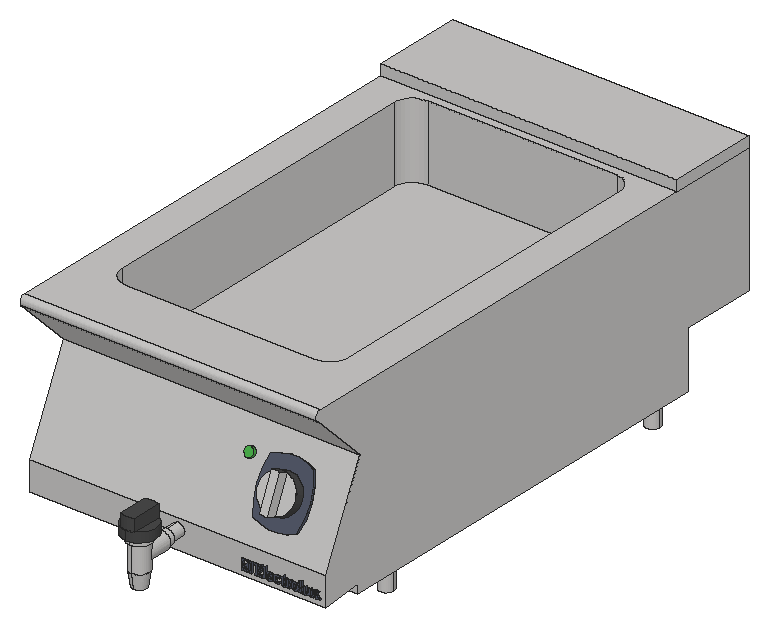
Revit family "QF_ELECTROLUXPROFESSIONAL_371096_E7BMEDB000", category Specialty Equipment, Revit 2018
Family settings
  Round Connector Dimension = Use Diameter
  Part Type = Normal
  Work Plane-Based = No
  Always vertical = Yes
  Cut with Voids When Loaded = No
  Shared = No
  Room Calculation Point = No
Parameters
  Width = 400.05 mm  # constant formula
  Weight in Pounds = 44  # constant formula
  Watts = 1500 VA  # 1500 W
  Volts = 230 V  # constant formula
  URL Cutsheet = "www.electrolux.com/foodservice"
  URL = "www.electrolux.com/foodservice"
  Type Mark [instance] = ""
  Status [instance] = ""
  Specification by User [instance] = ""
  Specification by Manufacturer = ""
  Show Logo [instance] = yes
  Show Clearance [instance] = yes
  Serial Number = ""
  Seismic Rating = ""
  SMACNA No = ""
  Revision Code [instance] = ""
  Plumbing Remarks = ""
  Plumbing Connection Type = ""
  Phase = 1  # constant formula
  Omniclass Number and Title = ""
  Number of Poles [instance] = 1
  NAFEM Spec ID Number = ""
  Model = "371096"
  Min Ckt Ampacity = 0 A
  Max Overcurrent Protection = 0 A
  Masterspec = ""
  Manufacturer = "ELECTROLUX"
  Item Number [instance] = ""
  Installed By [instance] = ""
  Indirect Waste Size = 50.8 mm  # 2"
  Indirect Waste Flow [instance] = 0 GPM
  Indirect Waste Connection Type = ""
  Indirect Waste Connection Height [instance] = 0 mm
  Identify Quantity as Lot [instance] = yes
  Height = 288.925 mm  # constant formula
  HP = "2 HP"
  Furnished By [instance] = ""
  Foodservice Equipment Identifier [instance] = yes
  FL Amps = if(Phase = 3, Watts / (Volts * 1.73), Watts / Volts)  # 6.52174 A
  Electrical Remarks [instance] = "230 V/1N ph/50/60 Hz"  # constant formula
  Electric Connection Type [instance] = ""
  Elec Conn RI Height [instance] = 0 mm
  Elec Conn Connection Height [instance] = 0 mm
  Direct Waste Size = 1/2"
  Description = "700XP Half Module Electric Bain Marie Top"
  Depth = 730.25 mm  # constant formula
  Cycle [instance] = if([60 Hertz Option], 60 Hz, 50 Hz)  # 60 Hz
  Conn Plug = ""
  Conn Conduit = yes
  CSI MasterFormat = ""
  CSI Master Format = ""
  Base Height [instance] = 23.813 mm  # constant formula
  Apparent Power = if(Phase = 3, Volts * FL Amps * 1.73, Volts * FL Amps)  # 1500 VA
  60 Hertz Option [instance] = not([50 Hertz Option])  # yes
  50 Hertz Option [instance] = no
Reference planes
  plane 1 "BACK": y = 0
  plane 2: z = 0
  plane 3 "LEFT": x = 0
  plane 4 "RIGHT": x = 400.05
  plane 5 "FRONT": y = -730.25
  plane 6 "TOP": z = 288.925
  plane 7 "Center Y": x = 200.025
  plane 8 "Center X": y = -365.125
  plane 9 "BASE": z = 23.813
  plane 10 "TOP A": z = 274.638
  plane 11: y = -597.884
  plane 12: y = -147.637
Forms (mm)
  Extrusion 1, solid, material "QF_Finishes_Stainless Steel"
    sketch origin (0, 0, 0) x (0, 1, 0) y (0, 0, 1)
      loop
        line (0, 274.638) -> (-723.029, 274.638)
        arc (-723.029, 274.638) -> (-729.756, 270.143) -> (-728.178, 262.208) r 7.281
        line (-728.178, 262.208) -> (-657.416, 191.447) -> (-713.772, 69.003) -> (-713.772, 30.903) -> (-660.4, 36.513) -> (-660.4, 23.812) -> (-101.6, 23.812) -> (-101.6, 101.6) -> (0, 101.6) -> (0, 274.638)
    from 0 to 400.05
  Extrusion 2, solid, material "QF_Finishes_Stainless Steel"
    sketch origin (0, 0, 274.638) x (-1, 0, 0) y (0, -1, 0)
      loop
        line (0, 0) -> (0, 120.65) -> (-400.05, 120.65) -> (-400.05, 0) -> (0, 0)
    from 0 to 14.287
  Extrusion 3, void
    sketch origin (0, 0, 274.638) x (-1, 0, 0) y (0, -1, 0)
      loop
        arc (-72.425, 132.504) -> (-54.464, 139.943) -> (-47.025, 157.904) r 25.4
        line (-47.025, 157.904) -> (-47.025, 617.104)
        arc (-47.025, 617.104) -> (-54.464, 635.064) -> (-72.425, 642.504) r 25.4
        line (-72.425, 642.504) -> (-327.625, 642.504)
        arc (-327.625, 642.504) -> (-345.586, 635.064) -> (-353.025, 617.104) r 25.4
        line (-353.025, 617.104) -> (-353.025, 157.904)
        arc (-353.025, 157.904) -> (-345.586, 139.943) -> (-327.625, 132.504) r 25.4
        line (-327.625, 132.504) -> (-72.425, 132.504)
    from 0 to -101.6
  Extrusion 4, solid, material "QF_Finishes_Stainless Steel"
    sketch origin (0, 0, 0) x (1, 0, 0) y (0, 1, 0)
      loop
        circle (11.112, -147.638) r 9.525
      loop
        circle (11.112, -597.884) r 9.525
      loop
        circle (388.937, -147.638) r 9.525
      loop
        circle (388.937, -597.884) r 9.525
    from 0 to 23.813
  Extrusion 5, solid, material "QF_Finishes_Navy Blue"
    sketch origin (161.494, -713.772, 69.003) x (0, 0.418102, 0.9084) y (-1, 0, 0)
      loop
        arc (102.623, -132.62) -> (67.041, -124.996) -> (31.333, -132.003) r 90.5
        arc (31.333, -132.003) -> (24.507, -161.19) -> (31.333, -190.378) r 65.817
        arc (31.333, -190.378) -> (67.04, -197.338) -> (102.623, -189.765) r 91.066
        arc (102.623, -189.765) -> (109.179, -161.193) -> (102.623, -132.62) r 65.546
    from 0 to 3.175
  Extrusion 6, solid, material "QF_Finishes_Stainless Steel"
    sketch origin (161.494, -717.485, 68.529) x (0, 0.418102, 0.9084) y (-1, 0, 0)
      loop
        circle (68.826, -160.963) r 25.4
    from 0 to 12.7
  Extrusion 7, solid, material "QF_Finishes_Stainless Steel"
    sketch origin (161.494, -729.022, 73.839) x (0, 0.418102, 0.9084) y (-1, 0, 0)
      loop
        arc (93.558, -166.749) -> (94.226, -160.963) -> (93.558, -155.177) r 25.4
        line (93.558, -155.177) -> (44.094, -155.177)
        arc (44.094, -155.177) -> (43.426, -160.963) -> (44.094, -166.749) r 25.4
        line (44.094, -166.749) -> (93.558, -166.749)
    from 0 to 12.7
  Extrusion 8, solid, material "QF_Finishes_Green"
    sketch origin (175.781, -713.772, 69.003) x (0, 0.418102, 0.9084) y (-1, 0, 0)
      loop
        circle (95.112, -90.848) r 6.35
    from 0 to 3.175
  Revolve 9, solid, material "QF_Finishes_Stainless Steel"
    sketch origin (200.025, -15.821, 0) x (0, 1, 0) y (0, 0, 1)
      loop
        line (-763.176, 15.689) -> (-754.167, 15.689) -> (-750.551, 36.201) -> (-750.551, 72.541) -> (-747.273, 72.541) -> (-747.273, 80.421) -> (-740.923, 80.421) -> (-740.923, 93.121) -> (-763.176, 93.121) -> (-763.176, 15.689)
      axis (-763.176, 15.689) -> (-763.176, 93.121)
    angle from 0 to 360
  Revolve 10, solid, material "QF_Finishes_Stainless Steel"
    sketch origin (200.025, 0, 0) x (0, 1, 0) y (0, 0, 1)
      loop
        line (-713.772, 55.563) -> (-782.002, 55.563) -> (-782.002, 43.259) -> (-742.607, 43.259) -> (-742.607, 44.961) -> (-733.614, 44.961) -> (-733.614, 47.008) -> (-713.772, 47.008) -> (-713.772, 55.563)
      axis (-782.002, 55.563) -> (-713.772, 55.563)
    angle from 0 to 360
  Extrusion 11, solid, material "QF_Finishes_Black"
    sketch origin (200.025, -778.997, 93.121) x (0, 1, 0) y (-1, 0, 0)
      loop
        line (20.063, 9.626) -> (-20.063, 9.626)
        arc (-20.063, 9.626) -> (-22.253, 0) -> (-20.063, -9.626) r 22.253
        line (-20.063, -9.626) -> (20.063, -9.626)
        arc (20.063, -9.626) -> (22.253, 0) -> (20.063, 9.626) r 22.253
    from 0 to 16.412
  Extrusion 12, solid, material "QF_Finishes_Navy Blue", visible <- "Show Logo"
    sketch origin (0, -713.772, 30.903) x (0, 0, 1) y (-1, 0, 0)
      loop
        line (20.674, -296.698) -> (8.307, -296.698)
        arc (8.307, -296.698) -> (14.491, -301.27) -> (20.674, -296.698) r 6.467
      loop
        arc (20.674, -296.069) -> (19.505, -290.926) -> (14.849, -288.448) r 6.338
        line (14.849, -288.448) -> (14.849, -290.494)
        arc (14.849, -290.494) -> (16.333, -294.149) -> (19.778, -296.069) r 5.941
        line (19.778, -296.069) -> (20.674, -296.069)
      loop
        arc (9.203, -296.069) -> (12.648, -294.149) -> (14.132, -290.494) r 5.941
        line (14.132, -290.494) -> (14.132, -288.448)
        arc (14.132, -288.448) -> (9.438, -290.922) -> (8.148, -296.069) r 6.504
        line (8.148, -296.069) -> (9.203, -296.069)
      loop
        line (21.349, -287.979) -> (7.604, -287.979) -> (7.604, -301.742) -> (21.349, -301.742) -> (21.349, -287.979)
      loop
        arc (21.432, -304.71) -> (21.085, -304.352) -> (20.718, -304.69) r 0.358
        arc (20.718, -304.69) -> (20.404, -305.44) -> (19.687, -305.825) r 1.216
        line (19.687, -305.825) -> (9.274, -305.825)
        arc (9.274, -305.825) -> (8.614, -305.548) -> (8.218, -304.951) r 1.238
        arc (8.218, -304.951) -> (7.823, -304.7) -> (7.518, -305.054) r 0.358
        line (7.518, -305.054) -> (7.518, -314.933) -> (10.269, -314.933) -> (10.269, -314.036)
        arc (10.269, -314.036) -> (9.36, -313.456) -> (8.904, -312.479) r 1.928
        line (8.904, -312.479) -> (8.904, -309.98)
        arc (8.904, -309.98) -> (9.18, -309.251) -> (9.868, -308.887) r 1.101
        line (9.868, -308.887) -> (13.955, -308.887) -> (13.955, -312.561)
        arc (13.955, -312.561) -> (13.602, -313.058) -> (13.037, -313.286) r 1.083
        arc (13.037, -313.286) -> (12.773, -313.591) -> (13.065, -313.869) r 0.292
        line (13.065, -313.869) -> (16.028, -313.869)
        arc (16.028, -313.869) -> (16.33, -313.596) -> (16.092, -313.266) r 0.305
        arc (16.092, -313.266) -> (15.601, -313.018) -> (15.296, -312.561) r 1.083
        line (15.296, -312.561) -> (15.296, -308.887) -> (19.973, -308.887) -> (19.973, -312.635)
        arc (19.973, -312.635) -> (19.759, -313.39) -> (19.153, -313.888) r 1.314
        arc (19.153, -313.888) -> (18.934, -314.292) -> (19.288, -314.585) r 0.361
        line (19.288, -314.585) -> (21.432, -314.585) -> (21.432, -304.71)
      loop
        arc (20.715, -315.365) -> (20.335, -316.284) -> (19.416, -316.664) r 1.299
        line (19.416, -316.664) -> (9.837, -316.664)
        arc (9.837, -316.664) -> (8.999, -316.286) -> (8.728, -315.408) r 1.118
        line (8.728, -315.408) -> (7.518, -315.408) -> (7.518, -320.758) -> (8.706, -320.758)
        arc (8.706, -320.758) -> (8.978, -319.841) -> (9.848, -319.445) r 1.153
        line (9.848, -319.445) -> (21.92, -319.445) -> (20.715, -315.365)
      loop
        line (12.483, -323.394) -> (12.483, -329.842) -> (13.282, -329.842)
        arc (13.282, -329.842) -> (15.862, -328.857) -> (17.131, -326.404) r 3.874
        line (17.131, -326.404) -> (17.131, -324.643)
        arc (17.131, -324.643) -> (15.944, -321.778) -> (13.08, -320.592) r 4.051
        line (13.08, -320.592) -> (11.072, -320.592)
        arc (11.072, -320.592) -> (8.253, -322.077) -> (7.202, -325.084) r 4.352
        arc (7.202, -325.084) -> (7.566, -327.547) -> (8.943, -329.621) r 5.713
        line (8.943, -329.621) -> (9.892, -329.621)
        arc (9.892, -329.621) -> (9.16, -328.052) -> (8.943, -326.334) r 5.579
        arc (8.943, -326.334) -> (9.737, -324.371) -> (11.616, -323.394) r 3.057
        line (11.616, -323.394) -> (12.483, -323.394)
      loop
        line (13.742, -323.394) -> (13.742, -326.977)
        arc (13.742, -326.977) -> (15.199, -327.024) -> (16.082, -325.864) r 1.59
        line (16.082, -325.864) -> (16.082, -325.034)
        arc (16.082, -325.034) -> (15.217, -323.779) -> (13.742, -323.394) r 2.184
      loop
        arc (16.533, -339.259) -> (17.022, -337.585) -> (17.179, -335.848) r 9.023
        line (17.179, -335.848) -> (17.179, -334.486)
        arc (17.179, -334.486) -> (16.02, -331.686) -> (13.22, -330.527) r 3.959
        line (13.22, -330.527) -> (10.62, -330.527)
        arc (10.62, -330.527) -> (8.338, -331.819) -> (7.221, -334.192) r 4.331
        line (7.221, -334.192) -> (7.221, -336.327)
        arc (7.221, -336.327) -> (7.729, -337.877) -> (8.651, -339.223) r 5.772
        arc (8.651, -339.223) -> (9.412, -339.274) -> (9.499, -338.515) r 0.553
        arc (9.499, -338.515) -> (9.111, -337.781) -> (8.977, -336.962) r 2.573
        line (8.977, -336.962) -> (8.977, -335.447)
        arc (8.977, -335.447) -> (9.983, -333.806) -> (11.798, -333.163) r 2.884
        line (11.798, -333.163) -> (13.077, -333.163)
        arc (13.077, -333.163) -> (14.898, -333.723) -> (15.824, -335.388) r 2.554
        line (15.824, -335.388) -> (15.824, -336.441)
        arc (15.824, -336.441) -> (15.493, -337.369) -> (14.836, -338.104) r 2.564
        arc (14.836, -338.104) -> (14.614, -338.821) -> (15.223, -339.259) r 0.643
        line (15.223, -339.259) -> (16.533, -339.259)
      loop
        line (15.515, -339.53) -> (15.515, -341.031) -> (9.467, -341.031)
        arc (9.467, -341.031) -> (7.879, -341.688) -> (7.221, -343.276) r 2.246
        line (7.221, -343.276) -> (7.221, -344.86)
        arc (7.221, -344.86) -> (7.535, -345.725) -> (8.035, -346.496) r 4.06
        arc (8.035, -346.496) -> (8.768, -346.629) -> (9.019, -345.928) r 0.576
        arc (9.019, -345.928) -> (8.913, -345.403) -> (8.977, -344.87) r 1.69
        arc (8.977, -344.87) -> (9.519, -344.082) -> (10.425, -343.779) r 1.506
        line (10.425, -343.779) -> (15.563, -343.779) -> (15.563, -346.176) -> (16.119, -346.733) -> (16.941, -346.733) -> (16.941, -343.873) -> (20.172, -343.873) -> (15.515, -339.53)
      loop
        line (7.438, -347.63) -> (7.438, -353.017) -> (8.548, -353.017)
        arc (8.548, -353.017) -> (8.942, -352.066) -> (9.893, -351.672) r 1.345
        line (9.893, -351.672) -> (13.509, -351.672)
        arc (13.509, -351.672) -> (14.274, -352.264) -> (14.564, -353.186) r 1.615
        line (14.564, -353.186) -> (14.564, -354.742) -> (17.119, -355.427) -> (17.119, -354.044) -> (15.177, -351.485) -> (17.057, -351.485) -> (16.773, -348.779)
        arc (16.773, -348.779) -> (16.333, -348.249) -> (15.674, -348.45) r 0.621
        arc (15.674, -348.45) -> (15.274, -348.792) -> (14.78, -348.975) r 1.501
        line (14.78, -348.975) -> (9.893, -348.975)
        arc (9.893, -348.975) -> (8.942, -348.581) -> (8.548, -347.63) r 1.345
        line (8.548, -347.63) -> (7.438, -347.63)
      loop
        line (13.54, -354.964) -> (10.848, -354.964)
        arc (10.848, -354.964) -> (8.403, -356.272) -> (7.269, -358.803) r 4.288
        arc (7.269, -358.803) -> (7.205, -360.183) -> (7.269, -361.563) r 15.022
        arc (7.269, -361.563) -> (8.403, -364.094) -> (10.848, -365.401) r 4.288
        line (10.848, -365.401) -> (13.54, -365.401)
        arc (13.54, -365.401) -> (15.986, -364.094) -> (17.119, -361.563) r 4.288
        arc (17.119, -361.563) -> (17.183, -360.183) -> (17.119, -358.803) r 15.022
        arc (17.119, -358.803) -> (15.986, -356.272) -> (13.54, -354.964) r 4.288
      loop
        line (13.745, -358.078) -> (10.643, -358.078)
        arc (10.643, -358.078) -> (8.486, -360.235) -> (10.643, -362.392) r 2.157
        line (10.643, -362.392) -> (13.745, -362.392)
        arc (13.745, -362.392) -> (15.902, -360.235) -> (13.745, -358.078) r 2.157
      loop
        arc (20.726, -365.26) -> (20.355, -366.154) -> (19.461, -366.524) r 1.264
        line (19.461, -366.524) -> (9.597, -366.524)
        arc (9.597, -366.524) -> (8.727, -366.127) -> (8.455, -365.211) r 1.153
        line (8.455, -365.211) -> (7.518, -365.211) -> (7.518, -370.319) -> (8.446, -370.319)
        arc (8.446, -370.319) -> (8.805, -369.547) -> (9.597, -369.232) r 1.153
        line (9.597, -369.232) -> (21.92, -369.232) -> (20.726, -365.26)
      loop
        arc (15.846, -369.857) -> (15.647, -370.921) -> (14.678, -371.403) r 1.215
        line (14.678, -371.403) -> (9.658, -371.403)
        arc (9.658, -371.403) -> (8.043, -372.051) -> (7.322, -373.634) r 2.338
        line (7.322, -373.634) -> (7.322, -375.148)
        arc (7.322, -375.148) -> (7.497, -376.152) -> (7.999, -377.038) r 2.979
        line (7.999, -377.038) -> (7.518, -378.835) -> (7.518, -380.524) -> (16.943, -380.524) -> (16.649, -376.32) -> (15.863, -376.32)
        arc (15.863, -376.32) -> (15.507, -377.156) -> (14.755, -377.665) r 1.605
        line (14.755, -377.665) -> (9.652, -377.665)
        arc (9.652, -377.665) -> (9.232, -376.728) -> (9.159, -375.704) r 2.94
        arc (9.159, -375.704) -> (9.72, -374.603) -> (10.873, -374.16) r 1.724
        line (10.873, -374.16) -> (17.07, -374.16) -> (15.846, -369.857)
      loop
        line (16.874, -381.377) -> (15.202, -383.423) -> (12.028, -385.729) -> (8.572, -382.617)
        arc (8.572, -382.617) -> (8.335, -382.223) -> (8.357, -381.764) r 0.789
        line (8.357, -381.764) -> (7.518, -381.764) -> (7.518, -385.309) -> (8.344, -385.309)
        arc (8.344, -385.309) -> (8.686, -384.947) -> (9.176, -385.039) r 0.52
        line (9.176, -385.039) -> (10.976, -386.51) -> (8.858, -387.886)
        arc (8.858, -387.886) -> (8.457, -387.576) -> (8.37, -387.076) r 0.7
        line (8.37, -387.076) -> (7.518, -387.076) -> (7.518, -393.003) -> (8.405, -393.003)
        arc (8.405, -393.003) -> (8.472, -392.344) -> (8.866, -391.813) r 1.247
        line (8.866, -391.813) -> (13.066, -388.532) -> (15.513, -390.585) -> (16.874, -392.327) -> (16.874, -388.604) -> (15.389, -389.026) -> (13.868, -387.749) -> (15.568, -386.559) -> (16.874, -387.336) -> (16.874, -381.377)
    from 0 to 1.644
  Extrusion 13, solid, material "QF_Finishes_Stainless Steel"
    sketch origin (0, -101.6, 101.6) x (0, 0, -1) y (-1, 0, 0)
      loop
        circle (43.882, -62.029) r 12.7
    from 0 to 12.7
  Extrusion 14, solid, material "QF_Finishes_Clearance", visible <- "Show Clearance", detail levels coarse
    sketch origin (0, 0, 0) x (1, 0, 0) y (0, 1, 0)
      loop
        line (0, -730.25) -> (0, 0) -> (400.05, 0) -> (400.05, -730.25) -> (550.069, -730.25) -> (550.069, 150.019) -> (-150.019, 150.019) -> (-150.019, -730.25) -> (0, -730.25)
    from 0 to 288.925
Cuts and joins
  Extrusion 3 cuts Extrusion 1
  joined: Extrusion 6, Extrusion 7
Lines and regions (mm)
  symbolic lines, style "QF-Clearances", visible <- "Show Clearance", detail levels coarse
    curve 1: line (-150.019, 150.019, 274.638) -> (-150.019, -730.25, 274.638)
    curve 2: line (550.069, 150.019, 274.638) -> (-150.019, 150.019, 274.638)
    curve 3: line (550.069, -730.25, 274.638) -> (550.069, 150.019, 274.638)
  symbolic lines
    curve 4: line (0, 0, 274.638) -> (400.05, 0, 274.638)
    curve 5: line (0, -730.25, 274.638) -> (0, 0, 274.638)
    curve 6: line (400.05, 0, 274.638) -> (400.05, -730.25, 274.638)
    curve 7: line (47.025, -157.904, 274.638) -> (47.025, -617.104, 274.638)
    curve 8: arc (47.025, -617.104, 274.638) -> (54.464, -635.064, 274.638) -> (72.425, -642.504, 274.638) r 25.4
    curve 9: line (72.425, -642.504, 274.638) -> (327.625, -642.504, 274.638)
    curve 10: arc (327.625, -642.504, 274.638) -> (345.586, -635.064, 274.638) -> (353.025, -617.104, 274.638) r 25.4
    curve 11: line (353.025, -617.104, 274.638) -> (353.025, -157.904, 274.638)
    curve 12: line (327.625, -132.504, 274.638) -> (72.425, -132.504, 274.638)
    curve 13: line (0, -120.65, 274.638) -> (400.05, -120.65, 274.638)
    curve 14: line (0, -69.85, 274.638) -> (0, -120.65, 274.638)
    curve 15: circle (200.025, -778.997, 274.638) r 22.253 normal (0, 0, 1)
    curve 16: line (400.05, -730.25, 274.638) -> (0, -730.25, 274.638)
    curve 17: line (209.651, -799.06, 274.638) -> (209.651, -758.934, 274.638)
    curve 18: line (190.399, -799.06, 274.638) -> (190.399, -758.934, 274.638)
    curve 19: arc (72.425, -132.504, 274.638) -> (54.464, -139.943, 274.638) -> (47.025, -157.904, 274.638) r 25.4
    curve 20: arc (327.625, -132.504, 274.638) -> (345.586, -139.943, 274.638) -> (353.025, -157.904, 274.638) r 25.4
    curve 21: line (189.354, -759.47, 274.638) -> (189.354, -730.25, 274.638)
    curve 22: line (210.696, -759.47, 274.638) -> (210.696, -730.25, 274.638)
Dimensions and locks
  equal spacing: plane 3 "LEFT", plane 7 "Center Y", plane 4 "RIGHT"
  "Width": plane 3 "LEFT" to plane 4 "RIGHT"
  equal spacing: plane 5 "FRONT", plane 8 "Center X", plane 1 "BACK"
  "Depth": plane 5 "FRONT" to plane 1 "BACK"
  "Height": plane 6 "TOP" to level
  plane 1 "BACK" to plane 5 "FRONT" = 730.25 mm
  "Base Height": plane 9 "BASE" to level
  locked: plane 10 "TOP A" to plane 9 "BASE" at 250.825
  aligned and locked: level to plane 2
  aligned and locked: plane 4 "RIGHT" to Extrusion 1
  aligned and locked: plane 6 "TOP" to Extrusion 2
  aligned and locked: plane 9 "BASE" to Extrusion 4
  aligned and locked: plane 6 "TOP" to Extrusion 14
Automatic sketch dimensions
  Extrusion 2 sketch curve to plane 3 "LEFT" = 0 mm
  Extrusion 2 sketch curve to Extrusion 2 sketch curve = 400.05 mm
  plane 1 "BACK" to Extrusion 2 sketch curve = 0 mm
  Extrusion 2 sketch curve to plane 12 = 26.988 mm
  plane 11 to Extrusion 4 sketch curve = 0 mm  (x2)
  plane 12 to Extrusion 4 sketch curve = 0 mm  (x2)
  plane 3 "LEFT" to Extrusion 4 sketch curve = 11.112 mm  (x2)
  Extrusion 4 sketch curve to plane 4 "RIGHT" = 11.113 mm  (x2)
  Extrusion 5 sketch curve to Extrusion 1 = 31.333 mm  (x2)
  Extrusion 5 sketch curve to Extrusion 5 sketch curve = 12.3 mm  (x3)
  Extrusion 1 to Extrusion 5 sketch curve = 23.064 mm
  Extrusion 5 sketch curve to Extrusion 5 sketch curve = 34.925 mm  (x2)
  Extrusion 1 to Extrusion 5 sketch curve = 44.467 mm
  Extrusion 5 sketch curve to Extrusion 5 sketch curve = 25.114 mm
  Extrusion 5 sketch curve to Extrusion 5 sketch curve = 25.727 mm
  Extrusion 5 sketch curve to Extrusion 5 sketch curve = 29.185 mm
  Extrusion 7 sketch curve to Extrusion 7 sketch curve = 24.732 mm
  Extrusion 7 sketch curve to Extrusion 7 sketch curve = 0 mm
  Extrusion 1 to Extrusion 8 sketch curve = 39.678 mm
  Extrusion 1 to Extrusion 8 sketch curve = 133.421 mm
  Revolve 9 sketch curve to plane 9 "BASE" = 8.123 mm
  plane 5 "FRONT" to Revolve 9 sketch curve = 48.747 mm
  Revolve 9 sketch curve to Revolve 9 sketch curve = 0 mm
  Revolve 9 sketch curve to Revolve 9 sketch curve = 9.009 mm
  plane 5 "FRONT" to Revolve 9 sketch curve = 36.122 mm
  Revolve 9 sketch curve to Revolve 9 sketch curve = 3.277 mm
  Revolve 9 sketch curve to Revolve 9 sketch curve = 6.35 mm
  plane 9 "BASE" to Revolve 9 sketch curve = 12.388 mm
  Revolve 9 sketch curve to Revolve 9 sketch curve = 36.341 mm
  Revolve 9 sketch curve to Revolve 9 sketch curve = 7.879 mm
  Revolve 9 sketch curve to Revolve 9 sketch curve = 12.7 mm  (x2)
  Revolve 9 sketch curve to Revolve 9 sketch curve = 15.064 mm
  plane 5 "FRONT" to Revolve 10 sketch curve = 51.752 mm
  plane 5 "FRONT" to Revolve 10 sketch curve = 12.357 mm
  plane 5 "FRONT" to Revolve 10 sketch curve = 3.364 mm
  Revolve 10 sketch curve to plane 5 "FRONT" = 16.478 mm
  Revolve 10 sketch curve to Revolve 10 sketch curve = 0 mm  (x2)
  Revolve 10 sketch curve to Revolve 10 sketch curve = 9.137 mm
  plane 9 "BASE" to Revolve 10 sketch curve = 19.447 mm
  Revolve 10 sketch curve to Revolve 10 sketch curve = 1.702 mm
  Revolve 10 sketch curve to Revolve 10 sketch curve = 2.047 mm
  Revolve 10 sketch curve to Revolve 10 sketch curve = 12.303 mm
  Extrusion 11 sketch curve to Revolve 9 = 9.626 mm
  Revolve 9 to Extrusion 11 sketch curve = 9.626 mm
  Extrusion 11 sketch curve to Extrusion 11 sketch curve = 0 mm
  Extrusion 12 sketch curve to Extrusion 1 = 2.161 mm
  Extrusion 12 sketch curve to Extrusion 1 = 7.202 mm
  Extrusion 12 sketch curve to Extrusion 1 = 7.221 mm  (x2)
  Extrusion 12 sketch curve to Extrusion 12 sketch curve = 5.108 mm  (x2)
  Extrusion 12 sketch curve to Extrusion 12 sketch curve = 0 mm  (x27)
  Extrusion 12 sketch curve to Extrusion 1 = 7.322 mm
  Extrusion 12 sketch curve to Extrusion 12 sketch curve = 0.218 mm
  Extrusion 12 sketch curve to Extrusion 12 sketch curve = 0.195 mm
  Extrusion 12 sketch curve to Extrusion 12 sketch curve = 0.249 mm
  Extrusion 12 sketch curve to Extrusion 1 = 7.518 mm
  Extrusion 12 sketch curve to Extrusion 12 sketch curve = 0.087 mm
  Extrusion 12 sketch curve to Extrusion 12 sketch curve = 0.358 mm
  Extrusion 12 sketch curve to Extrusion 12 sketch curve = 0.481 mm
  Extrusion 12 sketch curve to Extrusion 12 sketch curve = 0.597 mm
  Extrusion 12 sketch curve to Extrusion 12 sketch curve = 0.544 mm
  Extrusion 12 sketch curve to Extrusion 12 sketch curve = 0.936 mm
  Extrusion 12 sketch curve to Extrusion 12 sketch curve = 0.594 mm
  Extrusion 12 sketch curve to Extrusion 12 sketch curve = 0.343 mm
  Extrusion 12 sketch curve to Extrusion 12 sketch curve = 0.159 mm
  Extrusion 12 sketch curve to Extrusion 12 sketch curve = 0.826 mm
  Extrusion 12 sketch curve to Extrusion 12 sketch curve = 0.839 mm
  Extrusion 12 sketch curve to Extrusion 12 sketch curve = 0.852 mm
  Extrusion 12 sketch curve to Extrusion 12 sketch curve = 0.887 mm
  Extrusion 12 sketch curve to Extrusion 12 sketch curve = 0.928 mm
  Extrusion 12 sketch curve to Extrusion 12 sketch curve = 0.938 mm
  Extrusion 12 sketch curve to Extrusion 12 sketch curve = 0.444 mm
  Extrusion 12 sketch curve to Extrusion 12 sketch curve = 1.11 mm  (x3)
  Extrusion 12 sketch curve to Extrusion 12 sketch curve = 0.215 mm
  Extrusion 12 sketch curve to Extrusion 12 sketch curve = 1.43 mm
  Extrusion 12 sketch curve to Extrusion 12 sketch curve = 1.188 mm
  Extrusion 12 sketch curve to Extrusion 12 sketch curve = 1.21 mm  (x2)
  Extrusion 12 sketch curve to Extrusion 12 sketch curve = 0.503 mm
  Extrusion 12 sketch curve to Extrusion 12 sketch curve = 0.488 mm
  Extrusion 12 sketch curve to Extrusion 12 sketch curve = 0.462 mm
  Extrusion 12 sketch curve to Extrusion 12 sketch curve = 1.386 mm
  Extrusion 12 sketch curve to Extrusion 12 sketch curve = 1.742 mm  (x2)
  Extrusion 12 sketch curve to Extrusion 12 sketch curve = 0.821 mm
  Extrusion 12 sketch curve to Extrusion 12 sketch curve = 0.497 mm
  Extrusion 12 sketch curve to Extrusion 12 sketch curve = 0.539 mm
  Extrusion 12 sketch curve to Extrusion 12 sketch curve = 0.686 mm
  Extrusion 12 sketch curve to Extrusion 12 sketch curve = 0.408 mm
  Extrusion 12 sketch curve to Extrusion 12 sketch curve = 0.743 mm
  Extrusion 12 sketch curve to Extrusion 12 sketch curve = 1.16 mm
  Extrusion 12 sketch curve to Extrusion 12 sketch curve = 0.329 mm
  Extrusion 12 sketch curve to Extrusion 12 sketch curve = 1.054 mm
  Extrusion 12 sketch curve to Extrusion 12 sketch curve = 1.056 mm
  Extrusion 12 sketch curve to Extrusion 12 sketch curve = 0.129 mm
  Extrusion 12 sketch curve to Extrusion 12 sketch curve = 0.489 mm
  Extrusion 12 sketch curve to Extrusion 12 sketch curve = 0.441 mm
  Extrusion 12 sketch curve to Extrusion 12 sketch curve = 1.151 mm
  Extrusion 12 sketch curve to Extrusion 12 sketch curve = 1.141 mm  (x2)
  Extrusion 12 sketch curve to Extrusion 12 sketch curve = 0.768 mm
  Extrusion 12 sketch curve to Extrusion 12 sketch curve = 1.653 mm
  Extrusion 12 sketch curve to Extrusion 12 sketch curve = 0.499 mm
  Extrusion 12 sketch curve to Extrusion 12 sketch curve = 0.964 mm
  Extrusion 12 sketch curve to Extrusion 12 sketch curve = 0.949 mm
  Extrusion 12 sketch curve to Extrusion 12 sketch curve = 1.345 mm  (x3)
  Extrusion 12 sketch curve to Extrusion 12 sketch curve = 1.101 mm
  Extrusion 12 sketch curve to Extrusion 12 sketch curve = 0.432 mm
  Extrusion 12 sketch curve to Extrusion 12 sketch curve = 1.142 mm
  Extrusion 12 sketch curve to Extrusion 12 sketch curve = 0.959 mm
  Extrusion 12 sketch curve to Extrusion 12 sketch curve = 0.176 mm
  Extrusion 12 sketch curve to Extrusion 12 sketch curve = 0.728 mm
  Extrusion 12 sketch curve to Extrusion 12 sketch curve = 3.375 mm  (x2)
  Extrusion 12 sketch curve to Extrusion 12 sketch curve = 0.541 mm
  Extrusion 12 sketch curve to Extrusion 12 sketch curve = 0.955 mm
  Extrusion 12 sketch curve to Extrusion 12 sketch curve = 1.251 mm
  Extrusion 12 sketch curve to Extrusion 12 sketch curve = 0.572 mm
  Extrusion 12 sketch curve to Extrusion 12 sketch curve = 1.92 mm
  Extrusion 12 sketch curve to Extrusion 12 sketch curve = 1.224 mm
  Extrusion 12 sketch curve to Extrusion 12 sketch curve = 0.745 mm
  Extrusion 12 sketch curve to Extrusion 12 sketch curve = 2.537 mm
  Extrusion 12 sketch curve to Extrusion 12 sketch curve = 0.896 mm  (x3)
  Extrusion 12 sketch curve to Extrusion 12 sketch curve = 0.036 mm
  Extrusion 12 sketch curve to Extrusion 12 sketch curve = 2.607 mm
  Extrusion 12 sketch curve to Extrusion 12 sketch curve = 0.066 mm
  Extrusion 12 sketch curve to Extrusion 12 sketch curve = 0.248 mm
  Extrusion 12 sketch curve to Extrusion 12 sketch curve = 0.449 mm
  Extrusion 12 sketch curve to Extrusion 12 sketch curve = 1.052 mm
  Extrusion 12 sketch curve to Extrusion 12 sketch curve = 1.863 mm
  Extrusion 12 sketch curve to Extrusion 12 sketch curve = 1.31 mm  (x2)
  Extrusion 12 sketch curve to Extrusion 12 sketch curve = 0.901 mm
  Extrusion 12 sketch curve to Extrusion 12 sketch curve = 1.107 mm
  Extrusion 12 sketch curve to Extrusion 12 sketch curve = 2.122 mm
  Extrusion 12 sketch curve to Extrusion 12 sketch curve = 2.101 mm
  Extrusion 12 sketch curve to Extrusion 12 sketch curve = 0.106 mm
  Extrusion 12 sketch curve to Extrusion 12 sketch curve = 0.029 mm
  Extrusion 12 sketch curve to Extrusion 12 sketch curve = 2.09 mm
  Extrusion 12 sketch curve to Extrusion 12 sketch curve = 1.279 mm
  Extrusion 12 sketch curve to Extrusion 12 sketch curve = 2.008 mm
  Extrusion 12 sketch curve to Extrusion 12 sketch curve = 0.738 mm
  Extrusion 12 sketch curve to Extrusion 12 sketch curve = 0.382 mm
  Extrusion 12 sketch curve to Extrusion 12 sketch curve = 0.384 mm
  Extrusion 12 sketch curve to Extrusion 12 sketch curve = 0.002 mm
  Extrusion 12 sketch curve to Extrusion 12 sketch curve = 0.561 mm
  Extrusion 12 sketch curve to Extrusion 12 sketch curve = 0.592 mm
  Extrusion 12 sketch curve to Extrusion 12 sketch curve = 2.692 mm
  Extrusion 12 sketch curve to Extrusion 12 sketch curve = 1.259 mm
  Extrusion 12 sketch curve to Extrusion 12 sketch curve = 0.802 mm
  Extrusion 12 sketch curve to Extrusion 12 sketch curve = 1.024 mm
  Extrusion 12 sketch curve to Extrusion 12 sketch curve = 0.682 mm
  Extrusion 12 sketch curve to Extrusion 12 sketch curve = 5.934 mm
  Extrusion 12 sketch curve to Extrusion 12 sketch curve = 2.186 mm
  Extrusion 12 sketch curve to Extrusion 12 sketch curve = 0.337 mm
  Extrusion 12 sketch curve to Extrusion 12 sketch curve = 0.021 mm
  Extrusion 12 sketch curve to Extrusion 12 sketch curve = 1.005 mm
  Extrusion 12 sketch curve to Extrusion 12 sketch curve = 0.552 mm
  Extrusion 12 sketch curve to Extrusion 12 sketch curve = 0.778 mm
  Extrusion 12 sketch curve to Extrusion 12 sketch curve = 0.063 mm
  Extrusion 12 sketch curve to Extrusion 12 sketch curve = 1.023 mm
  Extrusion 12 sketch curve to Extrusion 12 sketch curve = 3.804 mm
  Extrusion 12 sketch curve to Extrusion 12 sketch curve = 0.486 mm
  Extrusion 12 sketch curve to Extrusion 12 sketch curve = 0.266 mm
  Extrusion 12 sketch curve to Extrusion 12 sketch curve = 1.547 mm
  Extrusion 12 sketch curve to Extrusion 12 sketch curve = 0.717 mm  (x2)
  Extrusion 12 sketch curve to Extrusion 12 sketch curve = 1.667 mm
  Extrusion 12 sketch curve to Extrusion 12 sketch curve = 3.174 mm
  Extrusion 12 sketch curve to Extrusion 12 sketch curve = 0.388 mm
  Extrusion 12 sketch curve to Extrusion 12 sketch curve = 1.342 mm
  Extrusion 12 sketch curve to Extrusion 12 sketch curve = 1.521 mm
  Extrusion 12 sketch curve to Extrusion 12 sketch curve = 0.124 mm
  Extrusion 12 sketch curve to Extrusion 12 sketch curve = 0.291 mm
  Extrusion 12 sketch curve to Extrusion 12 sketch curve = 1.049 mm  (x2)
  Extrusion 12 sketch curve to Extrusion 12 sketch curve = 1.7 mm
  Extrusion 12 sketch curve to Extrusion 12 sketch curve = 0.894 mm
  Extrusion 12 sketch curve to Extrusion 12 sketch curve = 0.989 mm
  Extrusion 12 sketch curve to Extrusion 12 sketch curve = 1.168 mm
  Extrusion 12 sketch curve to Extrusion 12 sketch curve = 1.594 mm
  Extrusion 12 sketch curve to Extrusion 12 sketch curve = 0.731 mm
  Extrusion 12 sketch curve to Extrusion 12 sketch curve = 1.566 mm
  Extrusion 12 sketch curve to Extrusion 12 sketch curve = 0.064 mm
  Extrusion 12 sketch curve to Extrusion 12 sketch curve = 0.556 mm  (x2)
  Extrusion 12 sketch curve to Extrusion 12 sketch curve = 0.48 mm
  Extrusion 12 sketch curve to Extrusion 12 sketch curve = 0.228 mm
  Extrusion 12 sketch curve to Extrusion 12 sketch curve = 1.018 mm
  Extrusion 12 sketch curve to Extrusion 12 sketch curve = 0.787 mm
  Extrusion 12 sketch curve to Extrusion 12 sketch curve = 0.618 mm
  Extrusion 12 sketch curve to Extrusion 12 sketch curve = 1.672 mm
  Extrusion 1 to Extrusion 12 sketch curve = 7.723 mm
  Extrusion 12 sketch curve to Extrusion 12 sketch curve = 1.361 mm
  Extrusion 12 sketch curve to Extrusion 12 sketch curve = 0.822 mm
  Extrusion 12 sketch curve to Extrusion 12 sketch curve = 0.069 mm
  Extrusion 12 sketch curve to Extrusion 12 sketch curve = 1.88 mm
  Extrusion 12 sketch curve to Extrusion 12 sketch curve = 0.42 mm
  Extrusion 12 sketch curve to Extrusion 12 sketch curve = 0.062 mm
  Extrusion 12 sketch curve to Extrusion 12 sketch curve = 1.355 mm
  Extrusion 12 sketch curve to Extrusion 12 sketch curve = 2.34 mm
  Extrusion 12 sketch curve to Extrusion 12 sketch curve = 0.493 mm
  Extrusion 12 sketch curve to Extrusion 12 sketch curve = 0.136 mm
  Extrusion 12 sketch curve to Extrusion 12 sketch curve = 0.128 mm
  Extrusion 12 sketch curve to Extrusion 12 sketch curve = 3.616 mm
  Extrusion 12 sketch curve to Extrusion 12 sketch curve = 4.207 mm
  Extrusion 12 sketch curve to Extrusion 12 sketch curve = 0.183 mm
  Extrusion 12 sketch curve to Extrusion 12 sketch curve = 0.895 mm
  Extrusion 12 sketch curve to Extrusion 12 sketch curve = 1.314 mm
  Extrusion 12 sketch curve to Extrusion 12 sketch curve = 3.231 mm
  Extrusion 12 sketch curve to Extrusion 12 sketch curve = 1.299 mm
  Extrusion 12 sketch curve to Extrusion 12 sketch curve = 1.214 mm
  Extrusion 12 sketch curve to Extrusion 12 sketch curve = 1.264 mm
  Extrusion 12 sketch curve to Extrusion 12 sketch curve = 0.109 mm
  Extrusion 12 sketch curve to Extrusion 12 sketch curve = 0.357 mm
  Extrusion 12 sketch curve to Extrusion 12 sketch curve = 0.565 mm
  Extrusion 12 sketch curve to Extrusion 12 sketch curve = 2.504 mm
  Extrusion 12 sketch curve to Extrusion 12 sketch curve = 2.459 mm
  Extrusion 1 to Extrusion 12 sketch curve = 7.255 mm
  Extrusion 12 sketch curve to Extrusion 12 sketch curve = 0.208 mm
  Extrusion 12 sketch curve to Extrusion 12 sketch curve = 1.559 mm
  Extrusion 12 sketch curve to Extrusion 12 sketch curve = 0.422 mm  (x2)
  Extrusion 12 sketch curve to Extrusion 12 sketch curve = 0.494 mm
  Extrusion 12 sketch curve to Extrusion 12 sketch curve = 3.927 mm
  Extrusion 12 sketch curve to Extrusion 12 sketch curve = 0.782 mm
  Extrusion 12 sketch curve to Extrusion 12 sketch curve = 1.268 mm
  Extrusion 12 sketch curve to Extrusion 12 sketch curve = 0.671 mm
  Extrusion 12 sketch curve to Extrusion 12 sketch curve = 0.777 mm
  Extrusion 12 sketch curve to Extrusion 12 sketch curve = 0.704 mm
  Extrusion 12 sketch curve to Extrusion 12 sketch curve = 0.781 mm  (x2)
  Extrusion 12 sketch curve to Extrusion 12 sketch curve = 1.634 mm
  Extrusion 12 sketch curve to Extrusion 12 sketch curve = 0.132 mm
  Extrusion 12 sketch curve to Extrusion 12 sketch curve = 3.136 mm
  Extrusion 12 sketch curve to Extrusion 12 sketch curve = 2.422 mm
  Extrusion 12 sketch curve to Extrusion 12 sketch curve = 0.586 mm
  Extrusion 12 sketch curve to Extrusion 12 sketch curve = 2.046 mm  (x2)
  Extrusion 12 sketch curve to Extrusion 12 sketch curve = 1.241 mm
  Extrusion 12 sketch curve to Extrusion 12 sketch curve = 1.689 mm
  Extrusion 12 sketch curve to Extrusion 12 sketch curve = 2.859 mm
  Extrusion 12 sketch curve to Extrusion 12 sketch curve = 0.627 mm
  Extrusion 12 sketch curve to Extrusion 12 sketch curve = 0.863 mm
  Extrusion 12 sketch curve to Extrusion 12 sketch curve = 0.419 mm
  Extrusion 12 sketch curve to Extrusion 12 sketch curve = 1.514 mm
  Extrusion 12 sketch curve to Extrusion 12 sketch curve = 1.019 mm
  Extrusion 12 sketch curve to Extrusion 12 sketch curve = 0.065 mm
  Extrusion 12 sketch curve to Extrusion 12 sketch curve = 1.215 mm
  Extrusion 12 sketch curve to Extrusion 12 sketch curve = 2.708 mm
  Extrusion 12 sketch curve to Extrusion 12 sketch curve = 1.122 mm
  Extrusion 12 sketch curve to Extrusion 12 sketch curve = 1.153 mm
  Extrusion 12 sketch curve to Extrusion 12 sketch curve = 3.009 mm
  Extrusion 12 sketch curve to Extrusion 12 sketch curve = 0.829 mm  (x2)
  Extrusion 12 sketch curve to Extrusion 12 sketch curve = 0.934 mm
  Extrusion 12 sketch curve to Extrusion 12 sketch curve = 3.376 mm
  Extrusion 12 sketch curve to Extrusion 12 sketch curve = 0.222 mm
  Extrusion 12 sketch curve to Extrusion 12 sketch curve = 1.383 mm
  Extrusion 12 sketch curve to Extrusion 12 sketch curve = 1.556 mm
  Extrusion 12 sketch curve to Extrusion 12 sketch curve = 2.559 mm
  Extrusion 12 sketch curve to Extrusion 12 sketch curve = 2.51 mm
  Extrusion 12 sketch curve to Extrusion 12 sketch curve = 0.131 mm
  Extrusion 12 sketch curve to Extrusion 12 sketch curve = 1.717 mm
  Extrusion 12 sketch curve to Extrusion 12 sketch curve = 1.134 mm
  Extrusion 12 sketch curve to Extrusion 12 sketch curve = 0.366 mm
  Extrusion 12 sketch curve to Extrusion 12 sketch curve = 0.094 mm
  Extrusion 12 sketch curve to Extrusion 12 sketch curve = 1.584 mm
  Extrusion 12 sketch curve to Extrusion 12 sketch curve = 1.501 mm
  Extrusion 12 sketch curve to Extrusion 12 sketch curve = 0.27 mm
  Extrusion 12 sketch curve to Extrusion 12 sketch curve = 1.808 mm
  Extrusion 12 sketch curve to Extrusion 12 sketch curve = 0.643 mm
  Extrusion 12 sketch curve to Extrusion 12 sketch curve = 0.916 mm
  Extrusion 12 sketch curve to Extrusion 12 sketch curve = 0.352 mm
  Extrusion 12 sketch curve to Extrusion 12 sketch curve = 0.458 mm
  Extrusion 12 sketch curve to Extrusion 12 sketch curve = 1.282 mm
  Extrusion 12 sketch curve to Extrusion 12 sketch curve = 1.363 mm
  Extrusion 12 sketch curve to Extrusion 12 sketch curve = 0.685 mm
  Extrusion 12 sketch curve to Extrusion 12 sketch curve = 0.905 mm
  Extrusion 12 sketch curve to Extrusion 12 sketch curve = 2.865 mm
  Extrusion 12 sketch curve to Extrusion 12 sketch curve = 0.472 mm
  Extrusion 12 sketch curve to Extrusion 12 sketch curve = 0.101 mm
  Extrusion 12 sketch curve to Extrusion 12 sketch curve = 0.54 mm
  Extrusion 12 sketch curve to Extrusion 12 sketch curve = 0.02 mm
  Extrusion 12 sketch curve to Extrusion 12 sketch curve = 0.468 mm
  Extrusion 12 sketch curve to Extrusion 12 sketch curve = 0.582 mm
  Extrusion 12 sketch curve to Extrusion 12 sketch curve = 0.166 mm
  Extrusion 12 sketch curve to Extrusion 12 sketch curve = 0.16 mm
  Extrusion 12 sketch curve to Extrusion 12 sketch curve = 2.781 mm
  Extrusion 12 sketch curve to Extrusion 12 sketch curve = 1.118 mm
  Extrusion 12 sketch curve to Extrusion 12 sketch curve = 0.613 mm
  Extrusion 12 sketch curve to Extrusion 12 sketch curve = 0.361 mm
  Extrusion 12 sketch curve to Extrusion 12 sketch curve = 0.897 mm
  Extrusion 12 sketch curve to Extrusion 12 sketch curve = 0.167 mm
  Extrusion 12 sketch curve to Extrusion 12 sketch curve = 0.292 mm
  Extrusion 12 sketch curve to Extrusion 12 sketch curve = 0.305 mm
  Extrusion 12 sketch curve to Extrusion 12 sketch curve = 1.557 mm
  Extrusion 12 sketch curve to Extrusion 12 sketch curve = 2.499 mm
  Extrusion 12 sketch curve to Extrusion 12 sketch curve = 3.062 mm
  Extrusion 12 sketch curve to Extrusion 12 sketch curve = 2.968 mm
  Extrusion 12 sketch curve to Extrusion 12 sketch curve = 5.044 mm
  Extrusion 12 sketch curve to Extrusion 12 sketch curve = 0.629 mm  (x2)
  Extrusion 12 sketch curve to Extrusion 12 sketch curve = 1.131 mm
  Extrusion 12 sketch curve to Extrusion 12 sketch curve = 0.137 mm
  Extrusion 12 sketch curve to Extrusion 12 sketch curve = 0.027 mm
  Extrusion 12 sketch curve to Extrusion 12 sketch curve = 2.235 mm
  Extrusion 1 to Extrusion 13 sketch curve = 33.906 mm
  Extrusion 1 to Extrusion 13 sketch curve = 62.029 mm
  plane 1 "BACK" to Extrusion 14 sketch curve = 0 mm
  Extrusion 14 sketch curve to plane 3 "LEFT" = 0 mm
  Extrusion 14 sketch curve to plane 4 "RIGHT" = 0 mm
  Extrusion 14 sketch curve to plane 3 "LEFT" = 150.019 mm
  plane 5 "FRONT" to Extrusion 14 sketch curve = 0 mm  (x2)
  plane 4 "RIGHT" to Extrusion 14 sketch curve = 150.019 mm
  Extrusion 14 sketch curve to plane 1 "BACK" = 150.019 mm
  curve 6 to plane 4 "RIGHT" = 0 mm
  curve 15 to plane 7 "Center Y" = 0 mm
  curve 5 to plane 3 "LEFT" = 0 mm
  curve 14 to plane 3 "LEFT" = 0 mm
  plane 1 "BACK" to curve 4 = 0 mm
  plane 5 "FRONT" to curve 3 = 0 mm
  plane 4 "RIGHT" to curve 3 = 150.019 mm
  curve 20 to plane 4 "RIGHT" = 47.025 mm
  curve 20 to plane 12 = 15.134 mm
  curve 11 to curve 20 = 25.4 mm
  curve 11 to curve 10 = 25.4 mm
  curve 22 to plane 5 "FRONT" = 0 mm
  plane 7 "Center Y" to curve 22 = 10.671 mm
  plane 7 "Center Y" to curve 17 = 9.626 mm
  curve 18 to plane 7 "Center Y" = 9.626 mm
  plane 3 "LEFT" to curve 8 = 72.425 mm
  plane 3 "LEFT" to curve 12 = 72.425 mm
  curve 8 to curve 8 = 25.4 mm
  curve 2 to plane 3 "LEFT" = 150.019 mm
  curve 3 to plane 1 "BACK" = 150.019 mm
  curve 4 to curve 14 = 69.85 mm
  curve 14 to plane 12 = 26.988 mm
  plane 11 to curve 10 = 19.219 mm
  plane 5 "FRONT" to curve 1 = 0 mm
  plane 5 "FRONT" to curve 21 = 29.22 mm
  curve 17 to curve 22 = 0.536 mm
  curve 18 to curve 21 = 0.536 mm
  plane 11 to Extrusion 3 sketch curve = 19.219 mm
  Extrusion 3 sketch curve to plane 4 "RIGHT" = 47.025 mm
  Extrusion 3 sketch curve to plane 12 = 15.134 mm
  Extrusion 3 sketch curve to Extrusion 3 sketch curve = 25.4 mm  (x3)
  plane 3 "LEFT" to Extrusion 3 sketch curve = 72.425 mm  (x2)
  Extrusion 1 sketch curve to plane 10 "TOP A" = 0 mm
  Extrusion 1 sketch curve to plane 9 "BASE" = 0 mm
  Extrusion 1 sketch curve to plane 1 "BACK" = 0 mm
  Extrusion 1 sketch curve to plane 12 = 46.038 mm
  plane 11 to Extrusion 1 sketch curve = 59.531 mm
  plane 9 "BASE" to Extrusion 1 sketch curve = 12.7 mm
  plane 11 to Extrusion 1 sketch curve = 62.516 mm
  Extrusion 1 sketch curve to plane 5 "FRONT" = 16.478 mm
  Extrusion 1 sketch curve to plane 5 "FRONT" = 7.221 mm
  Extrusion 1 sketch curve to plane 5 "FRONT" = 2.072 mm
  plane 9 "BASE" to Extrusion 1 sketch curve = 7.09 mm
  Extrusion 1 sketch curve to Extrusion 1 sketch curve = 38.1 mm
  plane 9 "BASE" to Extrusion 1 sketch curve = 77.788 mm
  Extrusion 1 sketch curve to plane 10 "TOP A" = 83.191 mm
  Extrusion 1 sketch curve to plane 10 "TOP A" = 12.429 mm
  radius of Extrusion 4 sketch curve = 9.525 mm  (x4)
  radius of Extrusion 6 sketch curve = 25.4 mm
  radius of Extrusion 7 sketch curve to Extrusion 6 = 0 mm  (x2)
  radius of Extrusion 8 sketch curve = 6.35 mm
  radius of Extrusion 11 sketch curve to Revolve 9 = 0 mm  (x2)
  radius of Extrusion 13 sketch curve = 12.7 mm
Connectors
  electrical at (62.029, -88.9, 57.718), driven by "Volts", driven by "Watts"
    settings: on Extrusion 13, index 1, voltage 230 V, apparent load 1500 VA, apparent load phase1 0 VA, apparent load phase2 0 VA, apparent load phase3 0 VA, power factor 1, load classification "Other", number of poles 1, system type 30, power factor state 1, is connector primary yes, connector utility no, sub classification motor no, connector description "Electrical Connection"
  piping at (200.025, -778.997, 15.689), diameter 50.8
    settings: on Revolve 9, index 2, connector inside diameter 2", connector length 0 mm, flow factor 0, pipe flow 0 GPM, pressure drop 0.00 psi, fitting loss kfactor 0, connector angle 0.00°, fixture units 0, engagement length 0 mm, angle of deflection 0.00°, flow configuration 1, flow direction 2, fitting loss method 0, system type 16, joint type 0, gender type 0, connector reference index -1, connector utility 0, adjustable connector no, is connector primary yes, connector description "Drain"
